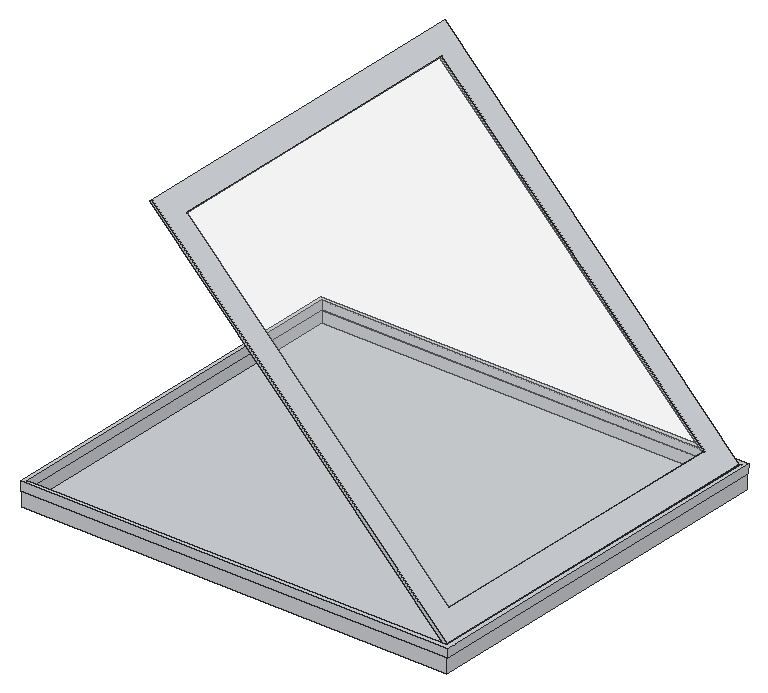
Revit family "Hager-Pablo-IP40-Transparent_Door-vuoto-IT-it", category Electrical Equipment, host Face, Revit 2020
Family settings
  Host = Face
  Panel Configuration = Two Columns, Circuits Across
  Round Connector Dimension = Use Diameter
  Part Type = Panelboard
  Cut with Voids When Loaded = No
  Shared = No
  Room Calculation Point = No
Parameters (values of type "Incassato IP40 L460 A575 P25 18 Unità di divisione - B04958")
  Width Control [instance] = if([HG000006 - Ad incasso], if([EF000846 - larghezza di montaggio] > min_whd, [EF000846 - larghezza di montaggio], min_whd), if([EF000008 - Larghezza] > min_whd, ([EF000008 - Larghezza]), min_whd))  # 460 mm
  Void Depth [instance] = if([HG000006 - Ad incasso], Depth Control, 1 mm)  # 16 mm
  Type Comments = [HG000003 - Gamma]  # "Pablo"
  System Height [instance] = Height Control - 2 * [HG000005 - Spessore]  # 399 mm
  Model = [HG000004 - Codice produttore]  # "B04958"
  HG000017 - Distanza tra i poli = 18 mm
  HG000016 - Visibilità delle porte nella vista 3D [instance] = yes
  HG000015 - Visibilità attraverso la porta [instance] = no
  HG000014 - Porta destra [instance] = yes
  HG000013 - Porta sinistra [instance] = not([HG000014 - Porta destra])  # no
  HG000012 - Angolo di apertura della porta [instance] = 45.00°
  HG000011 - File vuote nella parte basse = no
  HG000010 - Porte asimmetriche = no
  HG000009 - Porta doppia a battente = no
  HG000008 - Numero di file vuote = 0
  HG000007 - Numero di colonne vuote = 0
  HG000006 - Ad incasso = yes
  HG000005 - Spessore = 3 mm  # constant formula
  HG000004 - Codice produttore = "B04958"
  HG000003 - Gamma = "Pablo"
  HG000002 - Con porta = yes
  HG000001 - Numero di colonne = 0
  EF015941 - Segnale di passaggio porta = no
  EF015777 - Morsettiera neutra = no
  EF015776 - Morsettiera di terra = no
  EF009212 - esecuzione coperchio = "EV000116 - chiuso"
  EF006306 - con serratura = no
  EF006244 - coperchio/porta trasparente = yes
  EF005474 - grado di protezione (IP) = "EV006415 - IP40"
  EF004462 - tipo di chiusura = "EV001412 - cilindro"
  EF002950 - Numero moduli DIN = 18
  EF001596 - Attacco Lampada = "EV000139 - plastica"
  EF001134 - barra DIN = yes
  EF001131 - profondità interna = 16 mm
  EF001088 - possibilità di applicazione = yes
  EF001062 - esecuzione EMC = no
  EF000846 - larghezza di montaggio = 460 mm
  EF000339 - tipo di copertura = "EV004216 - porta"
  EF000332 - Altezza della parte incassata = 405 mm
  EF000266 - numero di file = 3
  EF000218 - profondità di incasso = 16 mm
  EF000118 - con piastra di montaggio = no
  EF000116 - numero RAL = "7031"
  EF000049 - profondità = 25 mm
  EF000040 - Altezza = 575 mm
  EF000008 - Larghezza = 460 mm
  EF000007 - colore = "EV000154 - altri"
  EF000003 - Tipo di montaggio = "EV001247 - apparente/incassato"
  Arrow Offset [instance] = Depth Control / 8  # 2 mm
  Arrow Height [instance] = Depth Control - Arrow Offset  # 14 mm
  Host Offset [instance] = if([HG000006 - Ad incasso], 0 mm, [EF000049 - profondità])  # 0 mm
  min_whd [instance] = (2 * [HG000005 - Spessore]) + 1 mm  # 7 mm
  Manufacturer = "Hager"  # constant formula
  Height Control [instance] = if([HG000006 - Ad incasso], if([EF000332 - Altezza della parte incassata] > min_whd, [EF000332 - Altezza della parte incassata], min_whd), if([EF000040 - Altezza] > min_whd, ([EF000040 - Altezza]), min_whd))  # 405 mm
  Flush Mounted - Door Frame Width [instance] = if(([EF000040 - Altezza] - [EF000332 - Altezza della parte incassata]) > 0 mm, if([HG000006 - Ad incasso], [EF000040 - Altezza] - [EF000332 - Altezza della parte incassata], 0 mm), 0 mm)  # 170 mm
  Depth Control [instance] = if([HG000006 - Ad incasso], if([EF000218 - profondità di incasso] > 0 mm, [EF000218 - profondità di incasso], 1 mm), if([EF000049 - profondità] > 0 mm, ([EF000049 - profondità]), 1 mm))  # 16 mm
  Default Elevation = 0 mm
Types (28, lengths in mm): name | Width Control | Void Depth | System Height | Model | HG000006 - Ad incasso | HG000004 - Codice produttore | EF015941 - Segnale di passaggio porta | EF004462 - tipo di chiusura | EF002950 - Numero moduli DIN | EF001134 - barra DIN | EF001131 - profondità interna | EF001088 - possibilità di applicazione | EF000846 - larghezza di montaggio | EF000332 - Altezza della parte incassata | EF000266 - numero di file | EF000218 - profondità di incasso | EF000116 - numero RAL | EF000049 - profondità | EF000040 - Altezza | EF000008 - Larghezza | EF000007 - colore | EF000003 - Tipo di montaggio | Arrow Offset | Arrow Height | Host Offset | Height Control | Flush Mounted - Door Frame Width | Depth Control
  A parete IP40 L175 A191 P25 4 Unità di divisione - B04951 | 175 | 1 | 185 | "B04951" | no | "B04951" | no | "EV001412 - cilindro" | 4 | yes | 16 | yes | 175 | 160 | 1 | 16 | "7031" | 25 | 191 | 175 | "EV000154 - altri" | "EV001247 - apparente/incassato" | 3.125 | 21.875 | 25 | 191 | 0 | 25
  A parete IP40 L211 A191 P25 6 Unità di divisione - B04952 | 211 | 1 | 185 | "B04952" | no | "B04952" | no | "EV001412 - cilindro" | 6 | yes | 16 | yes | 211 | 160 | 1 | 16 | "7031" | 25 | 191 | 211 | "EV000154 - altri" | "EV001247 - apparente/incassato" | 3.125 | 21.875 | 25 | 191 | 0 | 25
  A parete IP40 L280 A235 P25 8 Unità di divisione - B04953 | 280 | 1 | 229 | "B04953" | no | "B04953" | no | "EV001412 - cilindro" | 8 | yes | 16 | yes | 280 | 160 | 1 | 16 | "7031" | 25 | 235 | 280 | "EV000154 - altri" | "EV001247 - apparente/incassato" | 3.125 | 21.875 | 25 | 235 | 0 | 25
  A parete IP40 L352 A275 P25 12 Unità di divisione - B04954 | 352 | 1 | 269 | "B04954" | no | "B04954" | no | "EV001412 - cilindro" | 12 | yes | 16 | yes | 352 | 160 | 1 | 16 | "7031" | 25 | 275 | 352 | "EV000154 - altri" | "EV001247 - apparente/incassato" | 3.125 | 21.875 | 25 | 275 | 0 | 25
  A parete IP40 L352 A425 P25 12 Unità di divisione - B04956 | 352 | 1 | 419 | "B04956" | no | "B04956" | no | "EV001412 - cilindro" | 12 | yes | 16 | yes | 352 | 405 | 2 | 16 | "7031" | 25 | 425 | 352 | "EV000154 - altri" | "EV001247 - apparente/incassato" | 3.125 | 21.875 | 25 | 425 | 0 | 25
  A parete IP40 L352 A575 P25 12 Unità di divisione - B04957 | 352 | 1 | 569 | "B04957" | no | "B04957" | no | "EV001412 - cilindro" | 12 | yes | 16 | yes | 352 | 405 | 3 | 16 | "7031" | 25 | 575 | 352 | "EV000154 - altri" | "EV001247 - apparente/incassato" | 3.125 | 21.875 | 25 | 575 | 0 | 25
  A parete IP40 L460 A275 P25 18 Unità di divisione - B04955 | 460 | 1 | 269 | "B04955" | no | "B04955" | no | "EV001412 - cilindro" | 18 | yes | 16 | yes | 460 | 160 | 1 | 16 | "7031" | 25 | 275 | 460 | "EV000154 - altri" | "EV001247 - apparente/incassato" | 3.125 | 21.875 | 25 | 275 | 0 | 25
  A parete IP40 L460 A575 P25 18 Unità di divisione - B04958 | 460 | 1 | 569 | "B04958" | no | "B04958" | no | "EV001412 - cilindro" | 18 | yes | 16 | yes | 460 | 405 | 3 | 16 | "7031" | 25 | 575 | 460 | "EV000154 - altri" | "EV001247 - apparente/incassato" | 3.125 | 21.875 | 25 | 575 | 0 | 25
  incassato IP40 L169 A180 P99 4 Unità di divisione - B04100 | 169 | 74 | 154 | "B04100" | yes | "B04100" | yes | "EV000154 - altri" | 4 | yes | 99 | no | 169 | 160 | 1 | 74 | "9016" | 99 | 180 | 169 | "EV000202 - bianco" | "EV000383 - incassato" | 9.25 | 64.75 | 0 | 160 | 20 | 74
  Incassato IP40 L175 A191 P25 4 Unità di divisione - B04951 | 175 | 16 | 154 | "B04951" | yes | "B04951" | no | "EV001412 - cilindro" | 4 | yes | 16 | yes | 175 | 160 | 1 | 16 | "7031" | 25 | 191 | 175 | "EV000154 - altri" | "EV001247 - apparente/incassato" | 2 | 14 | 0 | 160 | 31 | 16
  incassato IP40 L205 A180 P101 6 Unità di divisione - B04146 | 205 | 74 | 154 | "B04146" | yes | "B04146" | yes | "EV000154 - altri" | 6 | yes | 101 | no | 205 | 160 | 1 | 74 | "9016" | 101 | 180 | 205 | "EV000270 - grigio" | "EV000383 - incassato" | 9.25 | 64.75 | 0 | 160 | 20 | 74
  Incassato IP40 L211 A191 P25 6 Unità di divisione - B04952 | 211 | 16 | 154 | "B04952" | yes | "B04952" | no | "EV001412 - cilindro" | 6 | yes | 16 | yes | 211 | 160 | 1 | 16 | "7031" | 25 | 191 | 211 | "EV000154 - altri" | "EV001247 - apparente/incassato" | 2 | 14 | 0 | 160 | 31 | 16
  incassato IP40 L261 A225 P102 8 Unità di divisione - B04101 | 261 | 74 | 154 | "B04101" | yes | "B04101" | yes | "EV000154 - altri" | 8 | yes | 48 | no | 261 | 160 | 1 | 74 | "9016" | 102 | 225 | 261 | "EV000270 - grigio" | "EV000383 - incassato" | 9.25 | 64.75 | 0 | 160 | 65 | 74
  incassato IP40 L261 A225 P102 8 Unità di divisione - B04108 | 261 | 74 | 154 | "B04108" | yes | "B04108" | yes | "EV000154 - altri" | 8 | yes | 102 | no | 261 | 160 | 1 | 74 | "9016" | 102 | 225 | 261 | "EV000270 - grigio" | "EV000383 - incassato" | 9.25 | 64.75 | 0 | 160 | 65 | 74
  Incassato IP40 L280 A235 P25 8 Unità di divisione - B04953 | 280 | 16 | 154 | "B04953" | yes | "B04953" | no | "EV001412 - cilindro" | 8 | yes | 16 | yes | 280 | 160 | 1 | 16 | "7031" | 25 | 235 | 280 | "EV000154 - altri" | "EV001247 - apparente/incassato" | 2 | 14 | 0 | 160 | 75 | 16
  incassato IP40 L333 A275 P108 12 Unità di divisione - B04102 | 333 | 77 | 154 | "B04102" | yes | "B04102" | yes | "EV000154 - altri" | 12 | yes | 108 | no | 333 | 160 | 1 | 77 | "9016" | 108 | 275 | 333 | "EV000270 - grigio" | "EV000383 - incassato" | 9.625 | 67.375 | 0 | 160 | 115 | 77
  incassato IP40 L333 A275 P108 8 Unità di divisione - B04109 | 333 | 108 | 154 | "B04109" | yes | "B04109" | yes | "" | 8 | no | 108 | no | 333 | 160 | 1 | 108 | "9016" | 108 | 275 | 333 | "EV000154 - altri" | "EV000383 - incassato" | 13.5 | 94.5 | 0 | 160 | 115 | 108
  incassato IP40 L345 A425 P109 12 Unità di divisione - B04104 | 345 | 77 | 399 | "B04104" | yes | "B04104" | yes | "EV000154 - altri" | 12 | yes | 109 | no | 345 | 405 | 2 | 77 | "9016" | 109 | 425 | 345 | "EV000270 - grigio" | "EV000383 - incassato" | 9.625 | 67.375 | 0 | 405 | 20 | 77
  incassato IP40 L345 A425 P109 12 Unità di divisione - B04110 | 345 | 77 | 399 | "B04110" | yes | "B04110" | yes | "EV000154 - altri" | 12 | yes | 109 | yes | 345 | 405 | 2 | 77 | "" | 109 | 425 | 345 | "EV000154 - altri" | "EV000383 - incassato" | 9.625 | 67.375 | 0 | 405 | 20 | 77
  Incassato IP40 L352 A275 P25 12 Unità di divisione - B04954 | 352 | 16 | 154 | "B04954" | yes | "B04954" | no | "EV001412 - cilindro" | 12 | yes | 16 | yes | 352 | 160 | 1 | 16 | "7031" | 25 | 275 | 352 | "EV000154 - altri" | "EV001247 - apparente/incassato" | 2 | 14 | 0 | 160 | 115 | 16
  Incassato IP40 L352 A425 P25 12 Unità di divisione - B04956 | 352 | 16 | 399 | "B04956" | yes | "B04956" | no | "EV001412 - cilindro" | 12 | yes | 16 | yes | 352 | 405 | 2 | 16 | "7031" | 25 | 425 | 352 | "EV000154 - altri" | "EV001247 - apparente/incassato" | 2 | 14 | 0 | 405 | 20 | 16
  Incassato IP40 L352 A575 P25 12 Unità di divisione - B04957 | 352 | 16 | 399 | "B04957" | yes | "B04957" | no | "EV001412 - cilindro" | 12 | yes | 16 | yes | 352 | 405 | 3 | 16 | "7031" | 25 | 575 | 352 | "EV000154 - altri" | "EV001247 - apparente/incassato" | 2 | 14 | 0 | 405 | 170 | 16
  incassato IP40 L441 A300 P114 18 Unità di divisione - B04103 | 441 | 77 | 154 | "B04103" | yes | "B04103" | yes | "EV000154 - altri" | 18 | yes | 114 | no | 441 | 160 | 1 | 77 | "9016" | 114 | 300 | 441 | "EV000270 - grigio" | "EV000383 - incassato" | 9.625 | 67.375 | 0 | 160 | 140 | 77
  incassato IP40 L455 A475 P114 12 Unità di divisione - B04105 | 455 | 77 | 399 | "B04105" | yes | "B04105" | yes | "EV000154 - altri" | 12 | yes | 114 | no | 455 | 405 | 2 | 77 | "9016" | 114 | 475 | 455 | "EV000270 - grigio" | "EV000383 - incassato" | 9.625 | 67.375 | 0 | 405 | 70 | 77
  incassato IP40 L455 A650 P135 18 Unità di divisione - B04106 | 455 | 77 | 624 | "B04106" | yes | "B04106" | yes | "EV000154 - altri" | 18 | yes | 135 | no | 455 | 630 | 3 | 77 | "9016" | 135 | 650 | 455 | "EV000270 - grigio" | "EV000383 - incassato" | 9.625 | 67.375 | 0 | 630 | 20 | 77
  incassato IP40 L455 A850 P135 18 Unità di divisione - B04147 | 455 | 77 | 815 | "B04147" | yes | "B04147" | yes | "EV000154 - altri" | 18 | yes | 135 | no | 455 | 821 | 4 | 77 | "9016" | 135 | 850 | 455 | "EV000270 - grigio" | "EV000383 - incassato" | 9.625 | 67.375 | 0 | 821 | 29 | 77
  Incassato IP40 L460 A275 P25 18 Unità di divisione - B04955 | 460 | 16 | 154 | "B04955" | yes | "B04955" | no | "EV001412 - cilindro" | 18 | yes | 16 | yes | 460 | 160 | 1 | 16 | "7031" | 25 | 275 | 460 | "EV000154 - altri" | "EV001247 - apparente/incassato" | 2 | 14 | 0 | 160 | 115 | 16
  Incassato IP40 L460 A575 P25 18 Unità di divisione - B04958 | 460 | 16 | 399 | "B04958" | yes | "B04958" | no | "EV001412 - cilindro" | 18 | yes | 16 | yes | 460 | 405 | 3 | 16 | "7031" | 25 | 575 | 460 | "EV000154 - altri" | "EV001247 - apparente/incassato" | 2 | 14 | 0 | 405 | 170 | 16
Reference planes
  plane 1 "Center (Front/Back)": y = 0
  plane 2: z = 0
  plane 3 "Center (Left/Right)": x = 0
  plane 4: z = 0
  plane 5: y = 173
  plane 6: z = -5
  plane 7: y = 372.5
  plane 8: y = 170
  plane 9: y = 575
  plane 10: z = -16
  plane 11: x = -230
  plane 12: x = 230
  plane 13: x = 227
  plane 14: x = -227
  plane 15: y = 572
  plane 16: z = -13
  plane 17: z = -3
  plane 18: z = -16
  plane 19: z = -3
Forms (mm)
  Extrusion 1, solid
    sketch origin (-583.045, 170, 1219.2) x (-1, 0, 0) y (0, 0, 1)
      loop
        line (-353.045, -1219.2) -> (-813.045, -1219.2) -> (-813.045, -1235.2) -> (-353.045, -1235.2) -> (-353.045, -1219.2)
    from 0 to 405 <- "Height Control"
  Extrusion 2, void
    sketch origin (-381.607, -4572, 0) x (0, -1, 0) y (-1, 0, 0)
      loop
        line (-5144, -154.607) -> (-5144, -608.607) -> (-4745, -608.607) -> (-4745, -154.607) -> (-5144, -154.607)
    from 0 to 13
  Extrusion 3, void
    sketch origin (0, 0, 0) x (1, 0, 0) y (0, 1, 0)
      loop
        line (-230, 170) -> (230, 170) -> (230, 575) -> (-230, 575) -> (-230, 170)
    from -16 to 1
  Extrusion 4, solid, detail levels coarse+medium
    sketch origin (-381.607, -4572, 0) x (-1, 0, 0) y (0, -1, 0)
      loop
        line (-154.607, -5144) -> (-154.607, -4745) -> (-608.607, -4745) -> (-608.607, -5144) -> (-154.607, -5144)
    from 0 to -3
Cuts and joins
  Extrusion 2 cuts Extrusion 1
Dimensions and locks
  plane 4 to plane 6 = 5 mm
  "Host Offset": plane 4 to host face
  "Flush Mounted - Door Frame Width": plane 1 "Center (Front/Back)" to plane 8
  "HG000005 - Spessore": plane 5 to plane 8
  locked: connector elem to plane 3 "Center (Left/Right)"
  "Height Control": plane 9 to plane 8
  equal spacing: plane 9, plane 7, plane 8
  locked: connector elem to plane 7
  "Depth Control": plane 4 to plane 10
  "HG000005 - Spessore": plane 11 to plane 14
  "HG000005 - Spessore": plane 12 to plane 13
  equal spacing: plane 11, plane 3 "Center (Left/Right)", plane 12
  "Width Control": plane 11 to plane 12
  "Arrow Offset": nested 4 to plane 10
  "HG000005 - Spessore": plane 9 to plane 15
  "HG000005 - Spessore": plane 16 to plane 10
  "HG000005 - Spessore": plane 4 to plane 17
  "Void Depth": plane 2 to plane 18
  "HG000005 - Spessore": plane 4 to plane 19
  aligned and locked: plane 2 to host face
  aligned and locked: level to host face
  aligned and locked: plane 3 "Center (Left/Right)" to nested 2
  aligned and locked: plane 4 to nested 2
  aligned and locked: nested 2 to plane 8
  aligned and locked: nested 1 to plane 6
  aligned and locked: nested 1 to plane 5
  aligned and locked: nested 4 to plane 11
  aligned and locked: nested 3 to plane 4
  aligned and locked: Extrusion 1 sketch curve to plane 12
  aligned and locked: Extrusion 1 sketch curve to plane 11
  aligned and locked: nested 3 to plane 10
  aligned and locked: plane 10 to Extrusion 1 sketch curve
  aligned and locked: Extrusion 2 sketch curve to plane 5
  aligned and locked: Extrusion 2 sketch curve to plane 15
  aligned and locked: Extrusion 2 sketch curve to plane 14
  aligned and locked: Extrusion 2 sketch curve to plane 13
  aligned and locked: plane 11 to Extrusion 3 sketch curve
  aligned and locked: plane 9 to Extrusion 3 sketch curve
  aligned and locked: Extrusion 3 sketch curve to plane 8
  aligned and locked: plane 12 to Extrusion 3 sketch curve
  aligned and locked: nested 3 to plane 12
  aligned and locked: Extrusion 3 to plane 18
  aligned and locked: Extrusion 2 to plane 16
  aligned and locked: Extrusion 1 sketch curve to plane 4
  aligned and locked: Extrusion 4 to plane 17
  aligned and locked: Extrusion 4 sketch curve to plane 15
  aligned and locked: Extrusion 4 sketch curve to plane 13
  aligned and locked: Extrusion 4 sketch curve to plane 14
  aligned and locked: Extrusion 4 sketch curve to plane 5
Automatic sketch dimensions
  host sketch curve to host sketch curve = 1469.727 mm
  host sketch curve to host sketch curve = 1434.803 mm
Nested families
  nested 1: "Hager_Enclosure_System" at (0, 173, -5) x (1, 0, 0) z (0, 1, 0), Depth <- "HG000005 - Spessore", Height <- "System Height", Width <- "EF000008 - Larghezza", Border <- "HG000005 - Spessore", Flush_Mounted <- "HG000006 - Ad incasso", Built-in_Width <- "EF000846 - larghezza di montaggio", Row_Module_Multiplicator <- "EF002950 - Numero moduli DIN", Total_No_Empty_Rows <- "HG000008 - Numero di file vuote", Total_No_Rows <- "EF000266 - numero di file", Empty_Columns <- "HG000007 - Numero di colonne vuote", Width_Control <- "Width Control", Empty_Rows_From_Bottom <- "HG000011 - File vuote nella parte basse", Distance_Between_Poles <- "HG000017 - Distanza tra i poli", Rows_Count <- "EF000266 - numero di file", Columns_Count <- "HG000001 - Numero di colonne", type "Hager_Enclosure_System", detail levels fine
    with Width_Control 460 mm, Width 460 mm, Total_No_Rows 3, Total_No_Empty_Rows 0, Total_No_Columns 1, System_Width 454 mm, Rows_Count 3, Rows_Column 3, Row_Module_Multiplicator 18, Panel_4 no, Panel_3 no, Panel_2 no, Panel_1 no, No_Panels_Ctrl 1, Hide_Columns yes, Height 399 mm, Flush_Mounted yes, Empty_Rows_From_Bottom no, Empty_Rows_Column 0, Empty_Columns 0, Distance_Between_Poles 18 mm, Depth 3 mm, Columns_Count 0, Column_Width 454 mm, Built-in_Width 460 mm, Border 3 mm
  nested 2: "Hager_Enclosure_Door" at (0, 170, 0) x (1, 0, 0) z (0, 1, 0), Border <- "HG000005 - Spessore", Door_Right <- "HG000014 - Porta destra", Flush_Mounted <- "HG000006 - Ad incasso", Depth <- "EF000049 - profondità", Width <- "EF000008 - Larghezza", Door_Left <- "HG000013 - Porta sinistra", 3d_Door <- "HG000016 - Visibilità delle porte nella vista 3D", BuiltIn_Width <- "EF000846 - larghezza di montaggio", BuiltIn_Height <- "EF000332 - Altezza della parte incassata", BuiltIn_Depth <- "EF000218 - profondità di incasso", Angle <- "HG000012 - Angolo di apertura della porta", Assymetrical <- "HG000010 - Porte asimmetriche", Double <- "HG000009 - Porta doppia a battente", Clearance <- "HG000015 - Visibilità attraverso la porta", Transparent <- "EF006244 - coperchio/porta trasparente", Door <- "HG000002 - Con porta", Height_Ctrl <- "Height Control", Width_Ctrl <- "Width Control", Height <- "EF000040 - Altezza", type "Hager_Enclosure_Door", detail levels medium+fine
    with min_wh 7 mm, Width_Ctrl 460 mm, Width 460 mm, Transparent_Door_No_Bottom_Border no, Transparent yes, Leaf_Width 451 mm, Leaf_Tolerance 1.5 mm, Leaf_Height 396 mm, Leaf_2_Width 451 mm, Leaf_2_Offset 225.5 mm, Leaf_1_Width 451 mm, Leaf_1_Offset 225.5 mm, Height_Ctrl 405 mm, Height 575 mm, Frame_Width_Ctrl 1 mm, Frame_Width 0 mm, Frame_Internal_Offset 3 mm, Frame_Height_Ctrl 170 mm, Frame_Height 170 mm, Frame_Depth_Ctrl 9 mm, Frame_Depth 9 mm, Flush_Mounted yes, Double_Clearance_Ctrl no, Double no, Door_Right_Ctrl yes, Door_Right yes, Door_Left_Ctrl no, Door_Left no, Door yes, Depth 25 mm, Clearance_Depth 451 mm, Clearance_Ctrl no, Clearance no, BuiltIn_Width 460 mm, BuiltIn_Height 405 mm, BuiltIn_Depth 16 mm, Border 3 mm, Assymetrical no, Angle 45.00°, 3d_Door yes
  nested 3: "Hager_Enclosure_Symbol_Triangle" at (-230, 0, -16) x (1, 0, 0) z (0, -1, 0), Depth <- "Depth Control", Width <- "Width Control", type "Hager_Enclosure_Symbol_Triangle"
    with Width_Ctrl 460 mm, Width 460 mm, Depth_Ctrl 16 mm, Depth 16 mm
  nested 4: "Hager_Enclosure_Symbol_Arrow" at (-230, 0, -14) x (1, 0, 0) z (0, -1, 0), Height <- "Arrow Height", type "Hager_Enclosure_Symbol_Arrow"
    with Width_Inside 2 mm, Width 12.6 mm, Height_Ctrl 14 mm, Height 14 mm
Connectors
  electrical at (0, 372.5, -16)
    settings: on plane 10, index 1, voltage 0 V, apparent load 0 VA, apparent load phase1 0 VA, apparent load phase2 0 VA, apparent load phase3 0 VA, power factor 1, load classification "Other", number of poles 1, system type 30, power factor state 1, is connector primary yes, connector utility no, sub classification motor no, connector description ""
Definition of nested family "Hager_Enclosure_Door"
  Parameters (values of type "Hager_Enclosure_Door")
    min_wh [instance] = (2 * Border) + 1 mm  # 11 mm
    Width_Ctrl [instance] = 400 mm
    Width [instance] = 500 mm
    Transparent_Door_No_Bottom_Border [instance] = no
    Transparent [instance] = yes
    Leaf_Width [instance] = if((Width_Ctrl - 2 * Border - 2 * Leaf_Tolerance) > 0 mm, (Width_Ctrl - 2 * Border - 2 * Leaf_Tolerance), min_wh)  # 387 mm
    Leaf_Tolerance [instance] = 1.5 mm  # constant formula
    Leaf_Height [instance] = if((Height_Ctrl - 2 * Border - 2 * Leaf_Tolerance) > 0 mm, (Height_Ctrl - 2 * Border - 2 * Leaf_Tolerance), min_wh)  # 387 mm
    Leaf_2_Width [instance] = if(and(and(Double, Assymetrical), Door_Left), (Leaf_Width / 3) - (Leaf_Tolerance / 2), if(and(and(Double, Assymetrical), Door_Right), (Leaf_Width / 3) * 2 - (Leaf_Tolerance / 2), if(and(Double, not(Assymetrical)), (Leaf_Width / 2) - Leaf_Tolerance, Leaf_Width)))  # 387 mm
    Leaf_2_Offset [instance] = if(and(Double, Assymetrical), Leaf_2_Width / 2, if(and(Double, not(Assymetrical)), Leaf_Width / 4, Leaf_Width / 2))  # 193.5 mm
    Leaf_1_Width [instance] = if(and(and(Double, Assymetrical), Door_Right), (Leaf_Width / 3) - (Leaf_Tolerance / 2), if(and(and(Double, Assymetrical), Door_Left), (Width / 3) * 2 - (Leaf_Tolerance / 2), if(and(Double, not(Assymetrical)), (Leaf_Width / 2) - Leaf_Tolerance, Leaf_Width)))  # 387 mm
    Leaf_1_Offset [instance] = if(and(Double, Assymetrical), Leaf_1_Width / 2, if(and(Double, not(Assymetrical)), Leaf_Width / 4, Leaf_Width / 2))  # 193.5 mm
    Height_Ctrl [instance] = 400 mm
    Height [instance] = 500 mm
    Frame_Width_Ctrl [instance] = if(Frame_Width > 0 mm, Frame_Width, 1 mm)  # 1 mm
    Frame_Width [instance] = Width - BuiltIn_Width  # 0 mm
    Frame_Internal_Offset [instance] = if(Flush_Mounted, Border, 0 mm)  # 5 mm
    Frame_Height_Ctrl [instance] = if(Frame_Height > 0 mm, Frame_Height, 1 mm)  # 1 mm
    Frame_Height [instance] = Height - BuiltIn_Height  # 0 mm
    Frame_Depth_Ctrl [instance] = if(Frame_Depth > 0 mm, Frame_Depth, 1 mm)  # 1 mm
    Frame_Depth [instance] = if(Depth - BuiltIn_Depth > 0 mm, if(Flush_Mounted, Depth - BuiltIn_Depth, 0 mm), 0 mm)  # 0 mm
    Flush_Mounted [instance] = yes
    Double_Clearance_Ctrl [instance] = and(Double, Clearance)  # no
    Double [instance] = no
    Door_Right_Ctrl [instance] = and(or(Door_Right, Double), Door)  # yes
    Door_Right [instance] = yes
    Door_Left_Ctrl [instance] = and(or(Door_Left, Double), Door)  # no
    Door_Left [instance] = no
    Door [instance] = yes
    Depth [instance] = 500 mm
    Default Elevation = 1219.2 mm
    Clearance_Material = none
    Clearance_Depth [instance] = if(Leaf_1_Width > Leaf_2_Width, Leaf_1_Width, Leaf_2_Width)  # 387 mm
    Clearance_Ctrl [instance] = and(not(Double), Clearance)  # yes
    Clearance [instance] = yes
    BuiltIn_Width [instance] = 500 mm
    BuiltIn_Height [instance] = 500 mm
    BuiltIn_Depth [instance] = 500 mm
    Border [instance] = 5 mm
    Assymetrical [instance] = yes
    Angle [instance] = 30.00°
    3d_Door [instance] = yes
  Reference planes
    plane 1 "Center (Front/Back)": y = 0
    plane 2 "Bottom": z = 0
    plane 3 "Center (Left/Right)": x = 0
    plane 4: z = 400
    plane 5: x = -200
    plane 6: x = 200
    plane 7: z = 395
    plane 8: x = -195
    plane 9: z = 5
    plane 10: x = 195
    plane 11: y = 0
    plane 12: z = 6.5
    plane 13: x = -582
    plane 14: y = -387
    plane 15: x = 582
    plane 16: x = 0
    plane 17: x = 0
    plane 18: x = -193.5
    plane 19: x = 193.5
    plane 20: z = 393.5
  Forms (mm)
    Extrusion 1, solid, visible <- "Flush_Mounted"
      sketch origin (0, 0, 0) x (1, 0, 0) y (0, 0, 1)
        loop
          line (195, 5) -> (195, 395) -> (-195, 395) -> (-195, 5) -> (195, 5)
        loop
          line (-201, 401) -> (-201, -1) -> (201, -1) -> (201, 401) -> (-201, 401)
      from 0 to 1 <- "Frame_Depth_Ctrl"
    Extrusion 2, solid, material <- "Clearance_Material", visible <- "Double_Clearance_Ctrl"
      sketch origin (1200, 0, 0) x (1, 0, 0) y (0, 0, -1)
        loop
          line (-1782, -393.5) -> (-618, -393.5) -> (-618, 0) -> (-1782, 0) -> (-1782, -393.5)
      from 0 to -387
  Dimensions and locks
    equal spacing: plane 5, plane 3 "Center (Left/Right)", plane 6
    "Width_Ctrl": plane 5 to plane 6
    "Border": plane 5 to plane 8
    "Border": plane 6 to plane 10
    "Border": plane 9 to level
    "Border": plane 4 to plane 7
    "Height_Ctrl": plane 4 to level
    "Leaf_Tolerance": plane 12 to plane 9
    "Frame_Depth": plane 11 to plane 1 "Center (Front/Back)"
    "Frame_Width_Ctrl": plane 5 to Extrusion 1 sketch curve
    "Frame_Width_Ctrl": plane 6 to Extrusion 1 sketch curve
    "Frame_Width_Ctrl": Extrusion 1 sketch curve to plane 4
    "Frame_Width_Ctrl": plane 2 "Bottom" to Extrusion 1 sketch curve
    "Leaf_1_Offset": plane 18 to plane 16
    "Leaf_2_Offset": plane 17 to plane 19
    "Leaf_1_Width": plane 13 to plane 8
    "Leaf_2_Width": plane 10 to plane 15
    "Clearance_Depth": plane 14 to plane 1 "Center (Front/Back)"
    "Leaf_Tolerance": plane 8 to plane 18
    "Leaf_Tolerance": plane 19 to plane 10
    "Leaf_Tolerance": plane 7 to plane 20
    "Frame_Internal_Offset": plane 5 to Extrusion 1 sketch curve
    "Frame_Internal_Offset": Extrusion 1 sketch curve to plane 2 "Bottom"
    "Frame_Internal_Offset": plane 6 to Extrusion 1 sketch curve
    "Frame_Internal_Offset": plane 4 to Extrusion 1 sketch curve
    aligned and locked: level to plane 2 "Bottom"
    aligned and locked: nested 1 to plane 16
    aligned and locked: nested 2 to plane 17
    aligned and locked: Extrusion 2 to plane 13
    aligned and locked: plane 15 to Extrusion 2
    aligned and locked: Extrusion 2 to plane 14
    aligned and locked: plane 12 to nested 1
    aligned and locked: nested 2 to plane 12
    aligned and locked: Extrusion 2 to plane 11
    aligned and locked: plane 20 to Extrusion 2
    aligned and locked: nested 2 to plane 11
    aligned and locked: nested 1 to plane 11
  Automatic sketch dimensions
    Extrusion 2 sketch curve to level = 0 mm
    plane 5 to Extrusion 2 sketch curve = 382 mm
    plane 6 to Extrusion 2 sketch curve = 382 mm
    Extrusion 2 sketch curve to plane 4 = 6.5 mm
  Nested families
    nested 1: "Hager_Enclosure_Door_Leaf" at (0, 0, 6.5), Width <- "Leaf_1_Width", visible <- "Door_Left_Ctrl", Leaf_Height <- "Leaf_Height", Angle <- "Angle", Depth <- "Border", 3d_Door <- "3d_Door", Transparent <- "Transparent", Clearance Material <- "Clearance_Material", Clearance <- "Clearance_Ctrl", Transparent_Door_No_Bottom_Border <- "Transparent_Door_No_Bottom_Border", type "Hager_Enclosure_Door_Leaf"
      with Width 387 mm, Transparent_Door_No_Bottom_Border no, Transparent_Door_Border_Bottom_Top 25 mm, Transparent_Door_Border 25 mm, Transparent_Ctrl yes, Transparent yes, Standard no, Leaf_Height 387 mm, Glass_Offset 1 mm, Depth 5 mm, Clearance Material none, Clearance yes, Angle_Ctrl 30.00°, Angle 30.00°, 3d_Door yes
    nested 2: "Hager_Enclosure_Door_Leaf" at (0, 0, 6.5) x (-1, 0, 0) z (0, 0, 1), Width <- "Leaf_2_Width", visible <- "Door_Right_Ctrl", Leaf_Height <- "Leaf_Height", Angle <- "Angle", Depth <- "Border", 3d_Door <- "3d_Door", Transparent <- "Transparent", Clearance Material <- "Clearance_Material", Clearance <- "Clearance_Ctrl", Transparent_Door_No_Bottom_Border <- "Transparent_Door_No_Bottom_Border", type "Hager_Enclosure_Door_Leaf"
      with Width 387 mm, Transparent_Door_No_Bottom_Border no, Transparent_Door_Border_Bottom_Top 25 mm, Transparent_Door_Border 25 mm, Transparent_Ctrl yes, Transparent yes, Standard no, Leaf_Height 387 mm, Glass_Offset 1 mm, Depth 5 mm, Clearance Material none, Clearance yes, Angle_Ctrl 30.00°, Angle 30.00°, 3d_Door yes
  Definition of nested family "Hager_Enclosure_Door_Leaf"
    Parameters (values of type "Hager_Enclosure_Door_Leaf")
      Width [instance] = 2000 mm
      Transparent_Door_No_Bottom_Border [instance] = yes
      Transparent_Door_Border_Bottom_Top [instance] = if(Transparent_Door_No_Bottom_Border, 0.1 mm, Transparent_Door_Border)  # 0.1 mm
      Transparent_Door_Border [instance] = if(Transparent_Door_No_Bottom_Border, (Width * 0.12), 25 mm)  # 240 mm
      Transparent_Ctrl [instance] = and(Transparent, [3d_Door])  # yes
      Transparent [instance] = yes
      Standard [instance] = and(not(Transparent), [3d_Door])  # no
      Leaf_Height [instance] = 2720.336 mm
      Glass_Offset [instance] = if((Depth - 10 mm) / 2 > 0 mm, (Depth - 10 mm) / 2, 1 mm)  # 15 mm
      Glass_Material = none
      Depth [instance] = 40 mm
      Default Elevation = 0 mm
      Clearance Material [instance] = none
      Clearance [instance] = yes
      Angle_Ctrl [instance] = if(Angle > 170.00°, 170.00°, Angle)  # 45.00°
      Angle [instance] = 45.00°
      3d_Door [instance] = yes
    Reference planes
      plane 1 "Center (Front/Back)": y = 0
      plane 2: z = 0
      plane 3 "Center (Left/Right)": x = 0
      plane 4: y = 2000
      plane 5: x = -1000
      plane 6: x = 1000
      plane 7: x = -3000
      plane 8: z = 2720.336
      plane 9: z = 0.1
      plane 10: z = 2720.236
      plane 11: x = 760
      plane 12: x = -760
    Forms (mm)
      Extrusion 1, solid, material <- "Clearance Material", visible <- "Clearance"
        sketch origin (0, 0, 0) x (1, 0, 0) y (0, 0, 1)
          loop
            line (-3000, 2720.336) -> (-3000, 0) -> (1000, 0) -> (1000, 2720.336) -> (-3000, 2720.336)
        from 0 to -2000
      Extrusion 2, solid, visible <- "Standard", detail levels medium+fine
        sketch origin (-1000, 0, 0) x (0.707107, 0.707107, 0) y (-0.707107, 0.707107, 0)
          loop
            line (0, -40) -> (2000, -40) -> (2000, 0) -> (0, 0) -> (0, -40)
        from 0 to 2720.336 <- "Leaf_Height"
      Extrusion 3, solid, visible <- "Transparent_Ctrl", detail levels medium+fine
        sketch origin (-1000, 0, 0) x (0.707107, 0.707107, 0) y (-0.707107, 0.707107, 0)
          loop
            line (0, -40) -> (2000, -40) -> (2000, 0) -> (0, 0) -> (0, -40)
        from 0 to 2720.336 <- "Leaf_Height"
      Extrusion 4, void, detail levels medium+fine
        sketch origin (-1000, 0, 0) x (-0.707107, 0.707107, 0) y (0.707107, 0.707107, 0)
          loop
            line (0, 240) -> (0, 1760) -> (-40, 1760) -> (-40, 240) -> (0, 240)
        from -2720.236 to -0.1
      Extrusion 5, solid, material <- "Glass_Material", visible <- "Transparent_Ctrl", detail levels medium+fine
        sketch origin (-1000, 0, 0) x (0.707107, 0.707107, 0) y (-0.707107, 0.707107, 0)
          loop
            line (240, -15) -> (240, -25) -> (1760, -25) -> (1760, -15) -> (240, -15)
        from 0.1 to 2720.236
    Cuts and joins
      Extrusion 4 cuts Extrusion 3
    Lines and regions (mm)
      symbolic lines
        curve 1: line (1000, 0, 0) -> (-3000, 0, 0)
        curve 2: arc (1000, 0, 0) -> (-1000, 2000, 0) -> (-3000, 0, 0) r 2000
        curve 4: line (-1000, 0, 0) -> (414.214, 1414.214, 0)
      reference lines
        curve 3: line (-1000, 0, 0) -> (414.214, 1414.214, 0)
      symbolic lines, detail levels medium+fine
        curve 5: line (414.214, 1414.214, 0) -> (442.498, 1385.929, 0)
        curve 6: line (442.498, 1385.929, 0) -> (-971.716, -28.284, 0)
        curve 7: line (-971.716, -28.284, 0) -> (-1000, 0, 0)
        curve 8: line (-1000, 0, 2720.336) -> (1000, 0, 2720.336)
        curve 9: line (-1000, 0, 0) -> (-1000, 0, 2720.336)
        curve 10: line (1000, 0, 0) -> (-1000, 0, 0)
        curve 11: line (1000, 0, 2720.336) -> (1000, 0, 0)
      symbolic lines, visible <- "Transparent_Ctrl", detail levels medium+fine
        curve 12: line (-760, 0, 2720.236) -> (760, 0, 2720.236)
        curve 13: line (-760, 0, 0.1) -> (-760, 0, 2720.236)
        curve 14: line (760, 0, 0.1) -> (-760, 0, 0.1)
        curve 15: line (760, 0, 2720.236) -> (760, 0, 0.1)
    Dimensions and locks
      "Width": plane 1 "Center (Front/Back)" to plane 4
      equal spacing: plane 5, plane 3 "Center (Left/Right)", plane 6
      "Width": plane 5 to plane 6
      "Width": plane 7 to plane 5
      "Leaf_Height": plane 8 to level
      "Depth": curve 6 to curve 3
      "Width": curve 5 to curve 3
      "Width": curve 3 to curve 3
      "Transparent_Door_Border": Extrusion 4 sketch curve to curve 7
      "Transparent_Door_Border": Extrusion 4 sketch curve to curve 5
      "Transparent_Door_Border_Bottom_Top": plane 8 to plane 10
      "Transparent_Door_Border_Bottom_Top": plane 9 to level
      "Glass_Offset": Extrusion 5 sketch curve to curve 4
      "Glass_Offset": Extrusion 5 sketch curve to curve 6
      "Transparent_Door_Border": Extrusion 5 sketch curve to curve 5
      "Transparent_Door_Border": Extrusion 5 sketch curve to curve 7
      "Transparent_Door_Border": plane 12 to plane 5
      "Transparent_Door_Border": plane 6 to plane 11
      "Angle_Ctrl": angle plane 1 "Center (Front/Back)" to curve 3
      aligned and locked: level to plane 2
      aligned and locked: Extrusion 1 to curve 1
      aligned and locked: plane 6 to Extrusion 1
      aligned and locked: Extrusion 1 to plane 1 "Center (Front/Back)"
      aligned and locked: plane 4 to Extrusion 1
      aligned and locked: plane 8 to Extrusion 1
      aligned and locked: curve 4 to curve 3
      aligned and locked: Extrusion 2 sketch curve to curve 7
      aligned and locked: Extrusion 2 sketch curve to curve 6
      aligned and locked: Extrusion 2 sketch curve to curve 5
      aligned and locked: Extrusion 2 sketch curve to curve 3
      aligned and locked: curve 7 to Extrusion 3 sketch curve
      aligned and locked: Extrusion 3 sketch curve to curve 4
      aligned and locked: Extrusion 3 sketch curve to curve 6
      aligned and locked: Extrusion 3 sketch curve to curve 5
      aligned and locked: curve 4 to Extrusion 4 sketch curve
      aligned and locked: curve 6 to Extrusion 4 sketch curve
      aligned and locked: Extrusion 4 to plane 9
      aligned and locked: Extrusion 4 to plane 10
      aligned and locked: Extrusion 5 to plane 9
      aligned and locked: Extrusion 5 to plane 10
      aligned and locked: curve 8 to plane 8
      aligned and locked: plane 5 to curve 9
      aligned and locked: plane 2 to curve 10
      aligned and locked: curve 11 to plane 6
      aligned and locked: plane 10 to curve 12
      aligned and locked: plane 12 to curve 13
      aligned and locked: curve 14 to plane 9
      aligned and locked: plane 11 to curve 15
    Automatic sketch dimensions
      plane 1 "Center (Front/Back)" to curve 2 = 0 mm
      curve 2 to plane 5 = 0 mm
      Extrusion 1 sketch curve to level = 0 mm
      Extrusion 1 sketch curve to plane 7 = 0 mm
      Extrusion 1 sketch curve to plane 6 = 0 mm
      Extrusion 1 sketch curve to plane 8 = 0 mm
      plane 1 "Center (Front/Back)" to curve 3 = 0 mm
      curve 3 to plane 5 = 0 mm
      curve 7 to curve 3 = 0 mm
Definition of nested family "Hager_Enclosure_Symbol_Triangle"
  Parameters (values of type "Hager_Enclosure_Symbol_Triangle")
    Width_Ctrl [instance] = if(Width > 1 mm, Width, 1 mm)  # 498 mm
    Width [instance] = 498 mm
    Depth_Ctrl [instance] = if(Depth > 1 mm, Depth, 1 mm)  # 72 mm
    Depth [instance] = 72 mm
  Reference planes
    plane 1 "Centre (avant/arrière)": y = 0
    plane 2: z = 0
    plane 3 "Centre (gauche/droite)": x = 0
  Lines and regions (mm)
    Filled region 1, type "Solid_Black", in view "Niveau de réf."
      outline origin (0, 0, 0) x (1, 0, 0) y (0, 1, 0)
        loop
          line (0, 0) -> (498, 0) -> (498, 72) -> (0, 0)
    reference lines, in view "Niveau de réf."
      curve 1: line (-206.153, 72, 0) -> (1083.258, 72, 0)
      curve 2: line (498, 405.456, 0) -> (498, -517.619, 0)
  Dimensions and locks
    "Depth_Ctrl": plane 1 "Centre (avant/arrière)" to curve 1
    "Width_Ctrl": plane 3 "Centre (gauche/droite)" to curve 2
    aligned and locked: curve 1 to Filled region 1 sketch curve
    aligned and locked: Filled region 1 sketch curve to plane 1 "Centre (avant/arrière)"
    aligned and locked: curve 2 to Filled region 1 sketch curve
    aligned and locked: plane 3 "Centre (gauche/droite)" to Filled region 1 sketch curve
    aligned and locked: plane 1 "Centre (avant/arrière)" to Filled region 1 sketch curve
  Automatic sketch dimensions
    curve 1 to plane 3 "Centre (gauche/droite)" = 206.153 mm
    curve 2 to curve 1 = 585.258 mm
    plane 1 "Centre (avant/arrière)" to curve 2 = 517.619 mm
    curve 2 to plane 1 "Centre (avant/arrière)" = 405.456 mm
Definition of nested family "Hager_Enclosure_Symbol_Arrow"
  Parameters (values of type "Hager_Enclosure_Symbol_Arrow")
    Width_Inside [instance] = if(Width / 12 > 2 mm, Width / 12, 2 mm)  # 4.987 mm
    Width [instance] = if(Height_Ctrl * 0.9 > 2 mm, Height_Ctrl * 0.9, 2 mm)  # 59.85 mm
    Height_Ctrl [instance] = if(Height > 2 mm, Height, 2 mm)  # 66.5 mm
    Height [instance] = 66.5 mm
  Reference planes
    plane 1 "Centre (avant/arrière)": y = 0
    plane 2: z = 0
    plane 3 "Centre (gauche/droite)": x = 0
    plane 4: x = 59.85
    plane 5: y = 28.263
    plane 6: y = 38.238
    plane 7: y = 66.5
    plane 8: x = 29.925
    plane 9: y = 33.25
  Lines and regions (mm)
    Filled region 1, type "Solid_Black", in view "Niveau de réf."
      outline origin (0, 0, 0) x (1, 0, 0) y (0, 1, 0)
        loop
          line (59.85, 66.5) -> (37.929, 52.827) -> (51.846, 41.935) -> (59.85, 66.5)
    detail lines, in view "Niveau de réf."
      curve 1: line (0, 0, 0) -> (29.925, 38.238, 0)
      curve 2: line (29.925, 38.238, 0) -> (29.925, 28.263, 0)
      curve 3: line (29.925, 28.263, 0) -> (59.85, 66.5, 0)
  Dimensions and locks
    "Width": plane 3 "Centre (gauche/droite)" to plane 4
    "Height_Ctrl": plane 7 to plane 1 "Centre (avant/arrière)"
    equal spacing: plane 3 "Centre (gauche/droite)", plane 8, plane 4
    equal spacing: plane 7, plane 9, plane 1 "Centre (avant/arrière)"
    equal spacing: plane 6, plane 9, plane 5
    "Width_Inside": plane 6 to plane 9
    equal spacing: curve 3, Filled region 1 sketch curve, Filled region 1 sketch curve
    angle Filled region 1 sketch curve to curve 3 = 20.00°
    angle curve 3 to Filled region 1 sketch curve = 20.00°
    locked: curve 3 to Filled region 1 sketch curve (angle 90.00°)
  Automatic sketch dimensions
    plane 1 "Centre (avant/arrière)" to curve 1 = 0 mm
    curve 1 to plane 3 "Centre (gauche/droite)" = 0 mm
    curve 2 to plane 6 = 0 mm
    curve 3 to plane 8 = 0 mm
    curve 3 to plane 4 = 0 mm
    curve 2 to plane 5 = 0 mm
    curve 3 to plane 7 = 0 mm
    Filled region 1 sketch curve to plane 4 = 0 mm
    Filled region 1 sketch curve to plane 7 = 0 mm
